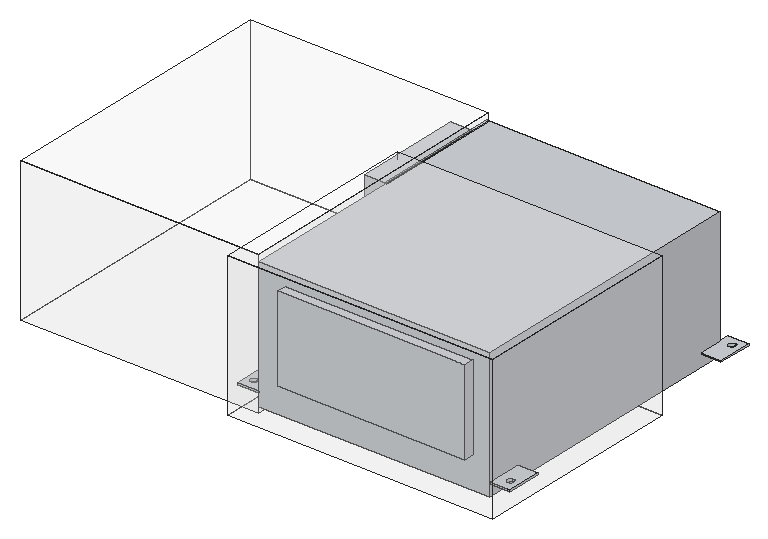
Revit family "pefy-p45_280mg9_60Hz", category 機械設備, Revit 2019
Family settings
  丸型コネクタ寸法 = 直径を使用
  パーツ タイプ = 標準
  OmniClass 番号 = 23.75.10.24.21.27.27
  OmniClass タイトル = Split System Air Conditioning Units
  作業面ベース = いいえ
  常に垂直 = はい
  ロード時にボイドで切り取り = いいえ
  共有 = いいえ
  部屋計算ポイント = はい
Parameters (values of type "PEFY-P45MG9")
  風量（弱）（m3／min） = 10
  風量（m3／min） = 14
  風量 = MAX風量  # 840.0 m³/h
  音響パワーレベル（弱）(dB) = 51
  音響パワーレベル(dB) = 57
  電源種別 = ""
  電源_H = 0 mm
  電圧_電気ヒーター = 0 V
  電圧 = 200 V
  電動機出力_送風機 = 0.08 kW
  運転質量 = 0.00 kg
  連動 = ""
  質量 = if(製品質量 > 運転質量, 製品質量, 運転質量) * 1.2  # 46.80 kg
  負荷分類 = 3_ファン類
  説明 = "ビル用マルチエアコン　天井埋込形室内機"
  設計暖房能力 = 0.00 kW
  設計冷房能力_顕熱 = 0 kW
  設計冷房能力 = 0 kW
  設置方法 = "天井吊(隠ぺい)形"
  記号 = ""
  製造元 = "三菱電機株式会社"
  製品質量 = 39.00 kg
  製品出荷対象 = "国内"
  製品リリース年月 = "2022年9月15日"
  製品グループ = ""
  系統 = ""
  符号 = "ACP_CID"
  積算_科目 = "1 空気調和設備"
  積算_拾い区分 [instance] = ""
  相_電気ヒーター = 1
  相 = 1
  盤記号 = ""
  発停方法 = "付属スイッチ"
  特殊仕様 = ""
  点検口離隔 [instance] = if(点検口離隔入力値 > 200 mm, 200 mm, if(点検口離隔入力値 < 150 mm, 150 mm, 点検口離隔入力値))  # 150 mm
  点検口離隔入力値 [instance] = 150 mm
  点検口設置範囲 = 700 mm
  点検口位置 = 200 mm
  点検口 = yes
  火災停止 = ""
  消費電力_電気ヒーター = 0.00 kW
  消費電力_暖房 = 0.17 kW
  消費電力_加湿器 = 0.00 kW
  消費電力_冷房 = 0.19 kW
  消費電力 = if(消費電力_冷房 > 消費電力_暖房, 消費電力_冷房, 消費電力_暖房) + 消費電力_加湿器 + 消費電力_電気ヒーター  # 0.19 kW
  法定耐用年数 = "15"
  機外静圧 = 100.0 Pa
  極数 = 3
  材質 = ""
  本体マテリアル = none
  有効加湿量 = 0
  暖房能力 = 5.00 kW
  推奨ブレーカー容量 = 15 A
  形式_加湿器 = ""
  形式 = "天井吊（隠ぺい）形（両ダクト形）"
  幹線記号 = ""
  始動方式 = ""
  呼称 = "室内機_天井吊(隠ぺい)形(両ダクト形)"
  周波数 = 60 Hz
  吊り幅 = if(Depth = 900 mm, 60 mm, 61 mm)  # 60 mm
  吊り位置Y = 814 mm
  吊り位置X = 754 mm
  吊りボルト_H = 41 mm  # constant formula
  台数_手元リモコン = ""
  台数_冷媒分岐ユニット = ""
  参照している仕様書等のバージョン = "公共建築工事標準仕様書（機械設備工事編）平成31年度版"
  加湿給水管径 = 0 mm
  分類コード = "50053003221070"
  分類グループ = ""
  冷房能力 = 4.5 kW
  冷媒高低圧ガス管径 = 0 mm
  冷媒管径符号 = "Ac"
  冷媒管径 = 100 mm
  冷媒液管径 = 6.35 mm
  冷媒液管_縦 = 58 mm
  冷媒液管_横 = 69 mm
  冷媒ガス管径 = 12.7 mm
  冷媒ガス管_縦 = 143 mm
  冷媒ガス管_横 = 187 mm
  企業コード = "108420"
  付属品_フィルター = ""
  付属品 = ""
  仕様書バージョン = "Version1.0"
  モデル = "PEFY-P45MG9"
  ドレン管径 = 32 mm
  ドレン管_縦 = 326.5 mm
  ドレン管_横 = 430 mm
  サービススペース = yes
  コメント [instance] = ""
  ケーブル種類 = ""
  ケーブルサイズ = 1.6 mm
  Width = 745 mm
  Version = ""
  Uniclass2015Version = "Systems v1.9"
  Uniclass2015Title = "Split coil remote air cooled condensing units"
  Uniclass2015Code = "Pr_70_65_03_84"
  URL = "https://www.mitsubishielectric.co.jp/ldg/wink/ssl/displayProduct.do?pid=317114"
  SpecificationReference = ""
  SpecificationDescription = ""
  S_H = Height + 20 mm  # 400 mm
  SAサイズ_W = 550 mm
  SAサイズ_D = 250 mm
  Revision = ""
  RAサイズ_W = 600 mm
  RAサイズ_D = 340 mm
  ProductInformation = ""
  OmniClassCode = "23-751024212727"
  MID風量 = 600.0 m³/h
  MAX風量 = 840.0 m³/h
  IfcTypeProduct = ""
  IfcProduct = ""
  IfcExportType = "AIRCONDITIONINGUNIT"
  IfcExportAs = "IfcUnitaryEquipmentType"
  Height = 380 mm
  Depth = 900 mm
  Clearance Top = 20 mm  # constant formula
  Clearance Right = 50 mm  # constant formula
  Clearance Left = if(Width = 745 mm, 730 mm, if(Width = 1030 mm, 1015 mm, if(Width = 1195 mm, 1180 mm, 1300 mm)))  # 730 mm
  Clearance Front = if(Depth = 900 mm, 575 mm, 650 mm)  # 575 mm
  Clearance Bottom = 20 mm  # constant formula
  Clearance Back = 50 mm  # constant formula
  Author = "三菱電機株式会社"
Types (10, lengths in mm): name | 風量（弱）（m3／min） | 風量（m3／min） | 風量 | 音響パワーレベル（弱）(dB) | 音響パワーレベル(dB) | 電動機出力_送風機 | 質量 | 製品質量 | 相 | 点検口設置範囲 | 消費電力_暖房 | 消費電力_冷房 | 消費電力 | 機外静圧 | 暖房能力 | 吊り幅 | 吊り位置Y | 吊り位置X | 冷房能力 | 冷媒管径符号 | 冷媒液管径 | 冷媒液管_縦 | 冷媒液管_横 | 冷媒ガス管径 | 冷媒ガス管_縦 | 冷媒ガス管_横 | モデル | ドレン管_縦 | ドレン管_横 | Width | URL | S_H | SAサイズ_W | SAサイズ_D | RAサイズ_W | RAサイズ_D | MID風量 | MAX風量 | Height | Depth | Clearance Left | Clearance Front
  PEFY-P45MG9 | 10 | 14 | 840.0 m³/h | 51 | 57 | 0.08 kW | 46.80 kg | 39.00 kg | 1 | 700 | 0.17 kW | 0.19 kW | 0.19 kW | 100.0 Pa | 5.00 kW | 60 | 814 | 754 | 4.5 kW | "Ac" | 6.35 | 58 | 69 | 12.7 | 143 | 187 | "PEFY-P45MG9" | 326.5 | 430 | 745 | "https://www.mitsubishielectric.co.jp/ldg/wink/ssl/displayProduct.do?pid=317114" | 400 | 550 | 250 | 600 | 340 | 600.0 m³/h | 840.0 m³/h | 380 | 900 | 730 | 575
  PEFY-P56MG9 | 10 | 14 | 840.0 m³/h | 52 | 57 | 0.08 kW | 46.80 kg | 39.00 kg | 1 | 700 | 0.17 kW | 0.19 kW | 0.19 kW | 100.0 Pa | 6.30 kW | 60 | 814 | 754 | 5.6 kW | "Ac" | 6.35 | 58 | 69 | 12.7 | 143 | 187 | "PEFY-P56MG9" | 326.5 | 430 | 745 | "https://www.mitsubishielectric.co.jp/ldg/wink/ssl/displayProduct.do?pid=317115" | 400 | 550 | 250 | 600 | 340 | 600.0 m³/h | 840.0 m³/h | 380 | 900 | 730 | 575
  PEFY-P71MG9 | 13.5 | 19 | 1140.0 m³/h | 56 | 61 | 0.10 kW | 48.00 kg | 40.00 kg | 1 | 700 | 0.22 kW | 0.24 kW | 0.24 kW | 100.0 Pa | 8.00 kW | 60 | 814 | 754 | 7.1 kW | "Bd" | 9.52 | 58 | 69 | 15.88 | 143 | 187 | "PEFY-P71MG9" | 326.5 | 430 | 745 | "https://www.mitsubishielectric.co.jp/ldg/wink/ssl/displayProduct.do?pid=317116" | 400 | 550 | 250 | 600 | 340 | 810.0 m³/h | 1140.0 m³/h | 380 | 900 | 730 | 575
  PEFY-P80MG9 | 15.5 | 22 | 1320.0 m³/h | 56 | 61 | 0.11 kW | 61.20 kg | 51.00 kg | 1 | 700 | 0.26 kW | 0.28 kW | 0.28 kW | 100.0 Pa | 9.00 kW | 60 | 814 | 1039 | 8 kW | "Bd" | 9.52 | 58 | 69 | 15.88 | 143 | 187 | "PEFY-P80MG9" | 326.5 | 430 | 1030 | "https://www.mitsubishielectric.co.jp/ldg/wink/ssl/displayProduct.do?pid=317117" | 400 | 835 | 250 | 885 | 340 | 930.0 m³/h | 1320.0 m³/h | 380 | 900 | 1015 | 575
  PEFY-P90MG9 | 18 | 25 | 1500.0 m³/h | 58 | 63 | 0.14 kW | 61.20 kg | 51.00 kg | 1 | 700 | 0.27 kW | 0.29 kW | 0.29 kW | 100.0 Pa | 10.00 kW | 60 | 814 | 1039 | 9 kW | "Bd" | 9.52 | 58 | 69 | 15.88 | 143 | 187 | "PEFY-P90MG9" | 326.5 | 430 | 1030 | "https://www.mitsubishielectric.co.jp/ldg/wink/ssl/displayProduct.do?pid=317118" | 400 | 835 | 250 | 885 | 340 | 1080.0 m³/h | 1500.0 m³/h | 380 | 900 | 1015 | 575
  PEFY-P112MG9 | 26.5 | 38 | 2280.0 m³/h | 60 | 64 | 0.20 kW | 75.60 kg | 63.00 kg | 1 | 700 | 0.47 kW | 0.49 kW | 0.49 kW | 100.0 Pa | 12.50 kW | 60 | 814 | 1204 | 11.2 kW | "Bd" | 9.52 | 58 | 69 | 15.88 | 143 | 187 | "PEFY-P112MG9" | 326.5 | 430 | 1195 | "https://www.mitsubishielectric.co.jp/ldg/wink/ssl/displayProduct.do?pid=317119" | 400 | 1000 | 250 | 1050 | 340 | 1590.0 m³/h | 2280.0 m³/h | 380 | 900 | 1180 | 575
  PEFY-P140MG9 | 26.5 | 38 | 2280.0 m³/h | 61 | 65 | 0.20 kW | 75.60 kg | 63.00 kg | 1 | 700 | 0.47 kW | 0.49 kW | 0.49 kW | 100.0 Pa | 16.00 kW | 60 | 814 | 1204 | 14 kW | "Bd" | 9.52 | 58 | 69 | 15.88 | 143 | 187 | "PEFY-P140MG9" | 326.5 | 430 | 1195 | "https://www.mitsubishielectric.co.jp/ldg/wink/ssl/displayProduct.do?pid=317120" | 400 | 1000 | 250 | 1050 | 340 | 1590.0 m³/h | 2280.0 m³/h | 380 | 900 | 1180 | 575
  PEFY-P160MG9 | 28 | 40 | 2400.0 m³/h | 62 | 65 | 0.23 kW | 78.00 kg | 65.00 kg | 1 | 700 | 0.47 kW | 0.49 kW | 0.49 kW | 100.0 Pa | 18.00 kW | 60 | 814 | 1204 | 16 kW | "Bd" | 9.52 | 58 | 69 | 15.88 | 143 | 187 | "PEFY-P160MG9" | 326.5 | 430 | 1195 | "https://www.mitsubishielectric.co.jp/ldg/wink/ssl/displayProduct.do?pid=317121" | 400 | 1000 | 250 | 1050 | 340 | 1680.0 m³/h | 2400.0 m³/h | 380 | 900 | 1180 | 575
  PEFY-P224MG9 | 0 | 58 | 3480.0 m³/h | 0 | 70 | 0.69 kW | 117.60 kg | 98.00 kg | 3 | 800 | 0.92 kW | 0.92 kW | 0.92 kW | 200.0 Pa | 25.00 kW | 61 | 1034 | 1326 | 22.4 kW | "Be" | 9.52 | 44 | 95 | 19.05 | 164 | 249 | "PEFY-P224MG9" | 327 | 489 | 1250 | "https://www.mitsubishielectric.co.jp/ldg/wink/ssl/displayProduct.do?pid=317122" | 490 | 1100 | 340 | 1100 | 420 | 0.0 m³/h | 3480.0 m³/h | 470 | 1120 | 1300 | 650
  PEFY-P280MG9 | 0 | 72 | 4320.0 m³/h | 0 | 75 | 0.87 kW | 121.20 kg | 101.00 kg | 3 | 800 | 1.10 kW | 1.10 kW | 1.10 kW | 200.0 Pa | 31.50 kW | 61 | 1034 | 1326 | 28 kW | "Bf" | 9.52 | 44 | 95 | 22.2 | 164 | 249 | "PEFY-P280MG9" | 327 | 489 | 1250 | "https://www.mitsubishielectric.co.jp/ldg/wink/ssl/displayProduct.do?pid=317123" | 490 | 1100 | 340 | 1100 | 420 | 0.0 m³/h | 4320.0 m³/h | 470 | 1120 | 1300 | 650
Reference planes
  plane 1 "中心(正面/背面)": y = -138.467
  plane 2: z = 0
  plane 3 "中心(左/右)": x = 140.396
  plane 4: z = 380
  plane 5: z = 400
  plane 6: x = 517.396
  plane 7: x = -236.604
  plane 8: y = -528.467
  plane 9: y = 285.533
  plane 10: y = -588.467
  plane 11: y = 311.533
  plane 12: x = 480.396
  plane 13: x = -264.604
  plane 14: z = -20
  plane 15: x = 540.396
  plane 16: y = -559.467
  plane 17: y = 287.533
  plane 18: y = -135.967
  plane 19: y = -362.467
  plane 20: y = 87.533
  plane 21: x = -199.604
  plane 22: x = -349.604
  plane 23: x = -899.604
  plane 24: z = 400
  plane 25: x = -249.604
  plane 26: y = -609.467
  plane 27: x = 530.396
  plane 28: y = 15.533
Dimensions and locks
  "S_H": plane 5 to level
  "吊り位置X": plane 6 to plane 7
  "吊り位置Y": plane 9 to plane 8
  equal spacing: plane 11, plane 1 "中心(正面/背面)", plane 10
  "Depth": plane 11 to plane 10
  "Width": plane 12 to plane 13
  "Clearance Bottom": level to plane 14
  locked: plane 8 to plane 10 at 60
  "吊り幅": plane 15 to plane 12
  locked: plane 15 to plane 6 at 23
  "Height": plane 4 to level
  locked: plane 11 to plane 17 at 24
  locked: plane 16 to plane 10 at 29
  locked: plane 20 to plane 19 at 450
  equal spacing: plane 17, plane 18, plane 16
  plane 21 to plane 7 = 37 mm
  "点検口離隔": plane 21 to plane 22
  "点検口設置範囲": plane 21 to plane 23
  "Clearance Top": plane 24 to plane 4
  "Clearance Back": plane 16 to plane 26
  "Clearance Right": plane 21 to plane 25
  "Clearance Front": plane 28 to plane 16
  "Clearance Left": plane 27 to plane 21
  "点検口位置": plane 17 to plane 20
  equal spacing: plane 6, plane 3 "中心(左/右)", plane 7
  equal spacing: plane 12, plane 3 "中心(左/右)", plane 21
  aligned and locked: level to plane 2
  aligned and locked: nested 3 to plane 6
  aligned and locked: nested 3 to plane 7
  aligned and locked: plane 8 to nested 3
  aligned and locked: nested 3 to plane 9
  aligned and locked: nested 4 to plane 3 "中心(左/右)"
  aligned and locked: plane 1 "中心(正面/背面)" to nested 4
  aligned and locked: plane 19 to nested 2
  aligned and locked: plane 20 to nested 2
  aligned and locked: nested 2 to plane 23
  aligned and locked: nested 2 to plane 22
  aligned and locked: plane 24 to nested 1
  aligned and locked: plane 24 to nested 5
  aligned and locked: plane 14 to nested 1
  aligned and locked: plane 14 to nested 5
  aligned and locked: nested 1 to plane 16
  aligned and locked: nested 1 to plane 17
  aligned and locked: nested 1 to plane 23
  aligned and locked: nested 1 to plane 21
  aligned and locked: nested 5 to plane 26
  aligned and locked: nested 5 to plane 28
  aligned and locked: nested 5 to plane 25
  aligned and locked: nested 5 to plane 27
Nested families
  nested 1: "サービススペース" at (-549.604, -135.967, 190) x (-1, 0, 0) z (0, 0, 1), visible <- "サービススペース", type "サービススペース"
    with Width 700 mm, Height 420 mm, Depth 847 mm
  nested 2: "点検口設置範囲" at (-624.604, -137.467, 0) x (-1, 0, 0) z (0, 0, 1), visible <- "点検口", type "点検口設置範囲"
    with Width 550 mm, Depth 450 mm
  nested 3: "固定点" at (517.396, 285.533, 0) x (-1, 0, 0) z (0, 0, 1), type "固定点"
    with W 754 mm, D 814 mm
  nested 4: "PEFY-P○○○MG7" at (312.896, -138.467, 0) x (0, -1, 0) z (0, 0, 1), type "PEFY-P○○○MG7"
    with 制御ボクス yes, ユニット表示 yes, 冷媒液配管サイズ 6.35 mm, E 550 mm, A 800 mm, 奥行き 745 mm, 冷媒ガス配管サイズ 12.7 mm, D 600 mm, B 754 mm
  nested 5: "サービススペース" at (140.396, -296.967, 190) x (-1, 0, 0) z (0, 0, 1), visible <- "サービススペース", type "サービススペース"
    with Width 780 mm, Height 420 mm, Depth 625 mm
Connectors
  hvac at (155.396, -588.467, 219), driven by "SAサイズ_D", driven by "SAサイズ_W", driven by "機外静圧", driven by "風量"
    settings: on nested 4, index 1, duct flow 840.0 m³/h, flow factor 0, pres drop 100.0 Pa, loss coef 0, conn angle 0.00°, conn width 550 mm, conn height 250 mm, conn diameter 609.6 mm, duct sys type 29, conn prof type 1, flow config 0, flow direction 2, loss method 4, conn ref index -1, conn util no, is conn primary yes, conn desc ""
  hvac at (140.396, 311.533, 186), driven by "RAサイズ_D", driven by "RAサイズ_W", driven by "機外静圧", driven by "風量"
    settings: on nested 4, index 2, duct flow 840.0 m³/h, flow factor 0, pres drop 100.0 Pa, loss coef 0, conn angle 0.00°, conn width 600 mm, conn height 340 mm, conn diameter 609.6 mm, duct sys type 29, conn prof type 1, flow config 0, flow direction 1, loss method 4, conn ref index -1, conn util no, is conn primary no, conn desc ""
  piping at (-264.604, -337.967, 172), diameter 100, driven by "冷媒管径", driven by "冷媒管径符号"
    settings: on nested 4, index 3, connector inside diameter 609.6 mm, connector length 0 mm, flow factor 0, pipe flow 0.0 L/s, pressure drop 0.0 Pa, fitting loss kfactor 0, connector angle 0.00°, fixture units 0, engagement length 0 mm, angle of deflection 0.00°, flow configuration 1, flow direction 1, fitting loss method 4, system type 7, joint type 0, gender type 0, connector reference index -1, connector utility 0, adjustable connector no, is connector primary yes, connector description "Ac"
  piping at (-209.604, -129.467, 326.5), diameter 32, driven by "ドレン管径"
    settings: on nested 4, index 4, connector inside diameter 609.6 mm, connector length 0 mm, flow factor 0, pipe flow 0.0 L/s, pressure drop 0.0 Pa, fitting loss kfactor 0, connector angle 0.00°, fixture units 0, engagement length 0 mm, angle of deflection 0.00°, flow configuration 1, flow direction 2, fitting loss method 4, system type 16, joint type 0, gender type 0, connector reference index -1, connector utility 0, adjustable connector no, is connector primary no, connector description ""
  electrical at (-209.604, 117.533, 60), driven by "極数", driven by "負荷分類", driven by "電圧", driven by "消費電力"
    settings: on nested 4, index 5, voltage 200 V, apparent load 190 VA, apparent load phase1 0 VA, apparent load phase2 0 VA, apparent load phase3 0 VA, power factor 1, load classification "3_ファン類", number of poles 3, system type 30, power factor state 1, is connector primary yes, connector utility no, sub classification motor no, connector description ""
Definition of nested family "サービススペース"
  Parameters (values of type "サービススペース")
    Width [instance] = 500 mm
    Height [instance] = 500 mm
    Depth [instance] = 500 mm
  Reference planes
    plane 1 "中心(正面/背面)": y = 0
    plane 2: z = 0
    plane 3 "中心(左/右)": x = 0
    plane 4: y = -250
    plane 5: x = 250
    plane 6: y = 250
    plane 7: x = -250
    plane 8: z = 250
    plane 9: z = -250
  Forms (mm)
    Extrusion 1, solid
      sketch origin (-638.939, 0, 72.39) x (1, 0, 0) y (0, 1, 0)
        loop
          line (388.939, 250) -> (388.939, -250) -> (888.939, -250) -> (888.939, 250) -> (388.939, 250)
      from -322.39 to 177.61
  Lines and regions (mm)
    symbolic lines
      curve 1: line (-250, 0, 250) -> (250, 0, 250)
      curve 2: line (-250, 0, -250) -> (-250, 0, 250)
      curve 3: line (250, 0, -250) -> (-250, 0, -250)
      curve 4: line (250, 0, 250) -> (250, 0, -250)
      curve 5: line (0, -250, 250) -> (0, 250, 250)
      curve 6: line (0, -250, -250) -> (0, -250, 250)
      curve 7: line (0, 250, -250) -> (0, -250, -250)
      curve 8: line (0, 250, 250) -> (0, 250, -250)
      curve 9: line (-250, 250, 0) -> (250, 250, 0)
      curve 10: line (-250, -250, 0) -> (-250, 250, 0)
      curve 11: line (250, -250, 0) -> (-250, -250, 0)
      curve 12: line (250, 250, 0) -> (250, -250, 0)
  Dimensions and locks
    equal spacing: plane 7, plane 3 "中心(左/右)", plane 5
    equal spacing: plane 4, plane 1 "中心(正面/背面)", plane 6
    "Depth": plane 4 to plane 6
    "Width": plane 7 to plane 5
    equal spacing: plane 8, plane 2, plane 9
    "Height": plane 8 to plane 9
    aligned and locked: plane 9 to curve 3
    aligned and locked: plane 7 to curve 2
    aligned and locked: curve 4 to plane 5
    aligned and locked: plane 5 to Extrusion 1
    aligned and locked: Extrusion 1 to plane 7
    aligned and locked: Extrusion 1 to plane 9
    aligned and locked: plane 8 to Extrusion 1
    aligned and locked: plane 9 to curve 7
  Automatic sketch dimensions
    plane 4 to Extrusion 1 sketch curve = 0 mm
    Extrusion 1 sketch curve to plane 7 = 0 mm
    Extrusion 1 sketch curve to plane 5 = 0 mm
    plane 6 to Extrusion 1 sketch curve = 0 mm
    curve 2 to plane 8 = 0 mm
    plane 4 to curve 11 = 0 mm
    curve 11 to plane 7 = 0 mm
    curve 11 to plane 5 = 0 mm
    plane 6 to curve 10 = 0 mm
    curve 7 to plane 4 = 0 mm
    curve 7 to plane 6 = 0 mm
    curve 6 to plane 8 = 0 mm
Definition of nested family "PEFY-P○○○MG7"
  Parameters (values of type "PEFY-P○○○MG7")
    配線取出口サイズ = 36 mm
    配線取出口-Z = 60 mm  # constant formula
    配線取出口-Y = 10 mm  # constant formula
    配線取出口-X = 50 mm  # constant formula
    制御ボクス [instance] = and(ユニット表示, 幅さ = 900 mm)  # yes
    冷媒液配管サイズ = 9.52 mm
    y = if(幅さ = 900 mm, 65 mm, 0 mm)  # 65 mm
    e = if(幅さ = 900 mm, 80 mm, 100 mm)  # 80 mm
    d = if(幅さ = 900 mm, 40 mm, 102 mm)  # 40 mm
    R2 = 250 mm
    R1 = if(幅さ = 900 mm, 94 mm, 105 mm)  # 94 mm
    L2 = 340 mm
    L1 = if(幅さ = 900 mm, 16 mm, 20 mm)  # 16 mm
    E = 1000 mm
    C = 680 mm
    A = if(奥行き = 745 mm, 800 mm, if(奥行き = 1030 mm, 1085 mm, if(奥行き = 1195 mm, 1250 mm, 1372 mm)))  # 1250 mm
    高さ = 380 mm
    奥行き = 1195 mm
    吊りボルト_H = 167 mm
    冷媒配管 = 100 mm
    冷媒液管径-Z = 58 mm
    冷媒液管径-Y = if(幅さ = 900 mm, 65 mm, 100 mm)  # 65 mm
    冷媒液管径-X = 69 mm
    冷媒ガス管径-Z = 143 mm
    冷媒ガス管径-Y = if(幅さ = 900 mm, 70 mm, 100 mm)  # 70 mm
    冷媒ガス管径-X = 187 mm
    ユニット表示 [instance] = yes
    吊りボルトピッチ = 814 mm
    ドレン配管サイズ = 32 mm
    ドレン管径-Z = 326.5 mm
    ドレン管径-Y = 10 mm  # constant formula
    ドレン管径-X = 430 mm
    冷媒ガス配管サイズ = 15.88 mm
    D = 1050 mm
    幅さ = 900 mm
    B = 1204 mm
  Reference planes
    plane 1 "中心(正面/背面)": y = -172.5
    plane 2: z = 0
    plane 3 "中心(左/右)": x = 0
    plane 4: z = 380
    plane 5: z = -20
    plane 6: x = -450
    plane 7: x = 450
    plane 8: y = -797.5
    plane 9: z = 400
    plane 10: y = 392.5
    plane 11: y = -737.5
    plane 12: x = -426
    plane 13: x = 421
    plane 14: z = 41
    plane 15: z = 36
    plane 16: y = 342.5
    plane 17: y = -657.5
    plane 18: y = 352.5
    plane 19: y = -697.5
    plane 20: y = 429.5
    plane 21: z = 356
    plane 22: z = 16
    plane 23: z = 94
    plane 24: z = 344
    plane 25: y = -802.5
    plane 26: x = -366
    plane 27: x = -306
    plane 28: z = 120
    plane 29: z = 170
    plane 30: y = -742.5
    plane 31: x = -454
    plane 32: x = 390
    plane 33: x = -424
    plane 34: x = -354
    plane 35: x = 321
    plane 36: y = 452.5
    plane 37: y = -774.5
    plane 38: y = -802.5
    plane 39: y = -747.5
    plane 40: y = -802.5
    plane 41: y = -807.5
    plane 42: x = 234
    plane 43: z = 143
    plane 44: x = 165
    plane 45: z = 201
    plane 46: x = 199.5
    plane 47: z = 172
    plane 48: x = -9
    plane 49: x = -50
    plane 50: z = 326.5
    plane 51: x = -256
    plane 52: z = 60
  Forms (mm)
    Extrusion 1, solid, visible <- "ユニット表示", detail levels fine
      sketch origin (0, 0, 0) x (1, 0, 0) y (0, 1, 0)
        loop
          line (-426, 392.5) -> (-426, -737.5) -> (421, -737.5) -> (421, 392.5) -> (-426, 392.5)
      from 0 to 380
    Extrusion 2, solid, visible <- "ユニット表示", detail levels fine
      sketch origin (0, 0, 0) x (1, 0, 0) y (0, 1, 0)
        loop
          line (-450, 352.5) -> (-450, -697.5) -> (-426, -697.5) -> (-426, 352.5) -> (-450, 352.5)
      from 16 to 356
    Extrusion 3, solid, visible <- "ユニット表示", detail levels fine
      sketch origin (0, 0, 0) x (1, 0, 0) y (0, 1, 0)
        loop
          line (450, 342.5) -> (421, 342.5) -> (421, -657.5) -> (450, -657.5) -> (450, 342.5)
      from 94 to 344
    Extrusion 4, solid, visible <- "ユニット表示", detail levels fine
      sketch origin (1480.036, -737.5, 1200) x (1, 0, 0) y (0, 0, 1)
        loop
          line (-1906.036, -820) -> (-1906.036, -1080) -> (-1786.036, -1200) -> (-1530.036, -1200) -> (-1530.036, -820) -> (-1906.036, -820)
      from 0 to 5
    Extrusion 5, solid, visible <- "制御ボクス", detail levels fine
      sketch origin (1480.036, -742.5, 1200) x (1, 0, 0) y (0, 0, 1)
        loop
          line (-1786.036, -1030) -> (-1786.036, -1184) -> (-1530.036, -1184) -> (-1530.036, -820) -> (-1846.036, -820) -> (-1846.036, -1030) -> (-1786.036, -1030)
      from 0 to 60
    Extrusion 6, solid, visible <- "ユニット表示", detail levels fine
      sketch origin (-1437.329, -1524, 36) x (-1, 0, 0) y (0, -1, 0)
        loop
          line (-1083.329, -1976.5) -> (-983.329, -1976.5) -> (-983.329, -1916.5) -> (-1083.329, -1916.5) -> (-1083.329, -1976.5)
        loop
          line (-1758.329, -1976.5) -> (-1758.329, -1916.5) -> (-1858.329, -1916.5) -> (-1858.329, -1976.5) -> (-1758.329, -1976.5)
        loop
          line (-1758.329, -726.5) -> (-1858.329, -726.5) -> (-1858.329, -786.5) -> (-1758.329, -786.5) -> (-1758.329, -726.5)
        loop
          line (-983.329, -786.5) -> (-983.329, -726.5) -> (-1083.329, -726.5) -> (-1083.329, -786.5) -> (-983.329, -786.5)
        loop
          circle (-1013.329, -1953.5) r 10
        loop
          circle (-1827.329, -1953.5) r 10
        loop
          circle (-1827.329, -749.5) r 10
        loop
          circle (-1013.329, -749.5) r 10
      from 0 to 5
    Extrusion 7, solid, visible <- "ユニット表示", detail levels fine
      sketch origin (1480.036, -737.5, 1200) x (1, 0, 0) y (0, 0, 1)
        loop
          circle (-1246.036, -1057) r 7.94
      from 0 to 70
    Extrusion 8, solid, visible <- "ユニット表示", detail levels fine
      sketch origin (1480.036, -737.5, 1200) x (1, 0, 0) y (0, 0, 1)
        loop
          circle (-1315.036, -999) r 4.76
      from 0 to 65
    Extrusion 9, solid, visible <- "ユニット表示", detail levels fine
      sketch origin (1480.036, -737.5, 1200) x (1, 0, 0) y (0, 0, 1)
        loop
          circle (-1280.536, -1028) r 50
      from 0 to 65
    Extrusion 10, solid, visible <- "ユニット表示", detail levels fine
      sketch origin (1480.036, -737.5, 1200) x (1, 0, 0) y (0, 0, 1)
        loop
          circle (-1489.036, -873.5) r 16
      from 0 to 10
    Extrusion 11, solid, visible <- "ユニット表示", detail levels fine
      sketch origin (1480.036, -737.5, 1200) x (1, 0, 0) y (0, 0, 1)
        loop
          circle (-1736.036, -1140) r 18
      from 0 to 10
  Dimensions and locks
    locked: level to plane 5 at 20
    equal spacing: plane 6, plane 3 "中心(左/右)", plane 7
    "幅さ": plane 6 to plane 7
    locked: plane 9 to plane 4 at 20
    "高さ": plane 4 to level
    locked: plane 6 to plane 12 at 24
    locked: plane 13 to plane 7 at 29
    locked: plane 14 to level at 41
    locked: plane 14 to plane 15 at 5
    "D": plane 19 to plane 18
    "E": plane 17 to plane 16
    "L1": plane 22 to level
    "R2": plane 24 to plane 23
    "R1": plane 23 to level
    "L2": plane 21 to plane 22
    "e": plane 11 to plane 17
    "d": plane 11 to plane 19
    "奥行き": plane 25 to plane 10
    plane 12 to plane 26 to plane 27 = 60 mm locked, 60 mm locked
    locked: plane 28 to level at 120
    locked: plane 29 to plane 28 at 50
    locked: plane 30 to plane 11 at 5
    locked: plane 31 to plane 6 at 4
    locked: plane 32 to plane 7 at 60
    "吊りボルトピッチ": plane 33 to plane 32
    locked: plane 31 to plane 34 at 100
    locked: plane 35 to plane 13 at 100
    "y": plane 25 to plane 11
    "B": plane 37 to plane 20
    plane 8 to plane 37 = 23 mm
    locked: plane 38 to plane 30 at 60
    "ドレン管径-Y": plane 39 to plane 11
    "冷媒液管径-Y": plane 40 to plane 11
    "冷媒ガス管径-Y": plane 41 to plane 11
    "冷媒ガス管径-Z": plane 43 to level
    "冷媒ガス管径-X": plane 42 to plane 13
    "冷媒液管径-X": plane 44 to plane 42
    "冷媒液管径-Z": plane 45 to plane 43
    equal spacing: plane 45, plane 47, plane 43
    equal spacing: plane 44, plane 46, plane 42
    "ドレン管径-X": plane 48 to plane 13
    locked: plane 49 to plane 3 "中心(左/右)" at 50
    "ドレン管径-Z": plane 50 to level
    locked: plane 27 to plane 51 at 50
    "配線取出口-Z": plane 52 to level
    "A": plane 8 to plane 36
    equal spacing: plane 11, plane 1 "中心(正面/背面)", plane 10
    equal spacing: plane 8, plane 1 "中心(正面/背面)", plane 36
    equal spacing: plane 37, plane 1 "中心(正面/背面)", plane 20
    diameter of Extrusion 6 sketch curve = 20 mm  (x4)
    "冷媒ガス配管サイズ": diameter of Extrusion 7 sketch curve
    "冷媒液配管サイズ": diameter of Extrusion 8 sketch curve
    "冷媒配管": diameter of Extrusion 9 sketch curve
    "ドレン配管サイズ": diameter of Extrusion 10 sketch curve
    "配線取出口サイズ": diameter of Extrusion 11 sketch curve
    aligned and locked: level to plane 2
    aligned and locked: plane 10 to Extrusion 1 sketch curve
    aligned and locked: plane 12 to Extrusion 1 sketch curve
    aligned and locked: Extrusion 1 sketch curve to plane 11
    aligned and locked: Extrusion 1 sketch curve to plane 13
    aligned and locked: Extrusion 1 to level
    aligned and locked: plane 4 to Extrusion 1
    aligned and locked: plane 18 to Extrusion 2 sketch curve
    aligned and locked: Extrusion 2 sketch curve to plane 19
    aligned and locked: Extrusion 2 sketch curve to plane 12
    aligned and locked: plane 6 to Extrusion 2 sketch curve
    aligned and locked: Extrusion 2 to plane 22
    aligned and locked: plane 21 to Extrusion 2
    aligned and locked: Extrusion 3 sketch curve to plane 16
    aligned and locked: plane 17 to Extrusion 3 sketch curve
    aligned and locked: Extrusion 3 sketch curve to plane 13
    aligned and locked: plane 7 to Extrusion 3 sketch curve
    aligned and locked: Extrusion 3 to plane 23
    aligned and locked: plane 24 to Extrusion 3
    aligned and locked: Extrusion 4 sketch curve to plane 4
    aligned and locked: Extrusion 4 sketch curve to plane 12
    aligned and locked: Extrusion 4 sketch curve to level
    aligned and locked: Extrusion 4 to plane 11
    aligned and locked: plane 30 to Extrusion 4
    aligned and locked: Extrusion 5 sketch curve to plane 27
    aligned and locked: Extrusion 5 sketch curve to plane 29
    aligned and locked: Extrusion 5 sketch curve to plane 26
    aligned and locked: Extrusion 5 sketch curve to plane 4
    aligned and locked: Extrusion 5 sketch curve to plane 22
    aligned and locked: Extrusion 5 to plane 30
    aligned and locked: Extrusion 6 sketch curve to plane 36
    aligned and locked: plane 34 to Extrusion 6 sketch curve
    aligned and locked: plane 10 to Extrusion 6 sketch curve
    aligned and locked: Extrusion 6 sketch curve to plane 31
    aligned and locked: plane 36 to Extrusion 6 sketch curve
    aligned and locked: plane 35 to Extrusion 6 sketch curve
    aligned and locked: Extrusion 6 sketch curve to Extrusion 1  (x4)
    aligned and locked: plane 8 to Extrusion 6 sketch curve
    aligned and locked: Extrusion 6 sketch curve to plane 35
    aligned and locked: plane 11 to Extrusion 6 sketch curve
    aligned and locked: plane 31 to Extrusion 6 sketch curve
    aligned and locked: Extrusion 6 sketch curve to plane 8
    aligned and locked: Extrusion 6 sketch curve to plane 34
    aligned and locked: plane 37 to Extrusion 6 sketch curve  (x2)
    aligned and locked: plane 33 to Extrusion 6 sketch curve  (x2)
    aligned and locked: plane 32 to Extrusion 6 sketch curve  (x2)
    aligned and locked: plane 20 to Extrusion 6 sketch curve  (x2)
    aligned and locked: Extrusion 6 to plane 15
    aligned and locked: plane 14 to Extrusion 6
    aligned and locked: plane 38 to Extrusion 5
    aligned and locked: plane 43 to Extrusion 7 sketch curve
    aligned and locked: plane 42 to Extrusion 7 sketch curve
    aligned and locked: Extrusion 7 to plane 11
    aligned and locked: plane 41 to Extrusion 7
    aligned and locked: plane 45 to Extrusion 8 sketch curve
    aligned and locked: plane 44 to Extrusion 8 sketch curve
    aligned and locked: Extrusion 8 to plane 11
    aligned and locked: plane 40 to Extrusion 8
    aligned and locked: Extrusion 9 to plane 11
    aligned and locked: plane 40 to Extrusion 9
    aligned and locked: Extrusion 5 sketch curve to plane 49
    aligned and locked: Extrusion 4 sketch curve to plane 49
    aligned and locked: plane 50 to Extrusion 10 sketch curve
    aligned and locked: plane 48 to Extrusion 10 sketch curve
    aligned and locked: Extrusion 10 to plane 11
    aligned and locked: plane 39 to Extrusion 10
    aligned and locked: plane 52 to Extrusion 11 sketch curve
    aligned and locked: plane 51 to Extrusion 11 sketch curve
    aligned and locked: Extrusion 11 to plane 11
    aligned and locked: plane 39 to Extrusion 11
    aligned and locked: plane 47 to Extrusion 9 sketch curve
    aligned and locked: plane 46 to Extrusion 9 sketch curve
  Automatic sketch dimensions
    Extrusion 4 sketch curve to plane 27 = 0 mm
    Extrusion 4 sketch curve to plane 28 = 0 mm
Definition of nested family "点検口設置範囲"
  Parameters (values of type "点検口設置範囲")
    Width [instance] = 1000 mm
    Depth [instance] = 700 mm
  Reference planes
    plane 1 "中心(正面/背面)": y = 0
    plane 2: z = 0
    plane 3 "中心(左/右)": x = 0
    plane 4: x = -500
    plane 5: x = 500
    plane 6: y = -350
    plane 7: y = 350
  Lines and regions (mm)
    model lines
      curve 1: line (-500, 350, 0) -> (500, 350, 0)
      curve 2: line (-500, -350, 0) -> (-500, 350, 0)
      curve 3: line (500, -350, 0) -> (-500, -350, 0)
      curve 4: line (500, 350, 0) -> (500, -350, 0)
  Dimensions and locks
    "Depth": plane 7 to plane 6
    "Width": plane 4 to plane 5
    equal spacing: plane 7, plane 1 "中心(正面/背面)", plane 6
    equal spacing: plane 4, plane 3 "中心(左/右)", plane 5
    aligned and locked: level to plane 2
    aligned and locked: plane 4 to curve 2
    aligned and locked: curve 1 to plane 7
    aligned and locked: curve 4 to plane 5
    aligned and locked: plane 6 to curve 3
Definition of nested family "固定点"
  Parameters (values of type "固定点")
    中心円 = 20 mm
    W [instance] = 1000 mm
    D [instance] = 1000 mm
  Reference planes
    plane 1 "中心(正面/背面)": y = 0
    plane 2: z = 0
    plane 3 "中心(左/右)": x = 0
    plane 4: x = 1000
    plane 5: y = 1000
  Lines and regions (mm)
    symbolic lines, detail levels fine
      curve 1: circle (0, 1000, 0) r 10 normal (0, 0, 1)
      curve 2: circle (0, 0, 0) r 10 normal (0, 0, 1)
      curve 3: circle (1000, 1000, 0) r 10 normal (0, 0, 1)
      curve 4: circle (1000, 0, 0) r 10 normal (0, 0, 1)
      curve 5: line (-200, 1000, 0) -> (1200, 1000, 0)
      curve 6: line (-200, 0, 0) -> (1200, 0, 0)
      curve 7: line (0, 1200, 0) -> (0, -200, 0)
      curve 8: line (1000, 1200, 0) -> (1000, -200, 0)
  Dimensions and locks
    "W": plane 3 "中心(左/右)" to plane 4
    "D": plane 1 "中心(正面/背面)" to plane 5
    "中心円": diameter of curve 1
    "中心円": diameter of curve 2
    "中心円": diameter of curve 3
    "中心円": diameter of curve 4
    aligned and locked: level to plane 2
    aligned and locked: plane 5 to curve 1
    aligned and locked: plane 3 "中心(左/右)" to curve 1
    aligned and locked: plane 3 "中心(左/右)" to curve 2
    aligned and locked: plane 1 "中心(正面/背面)" to curve 2
    aligned and locked: plane 4 to curve 3
    aligned and locked: plane 5 to curve 3
    aligned and locked: plane 1 "中心(正面/背面)" to curve 4
    aligned and locked: plane 4 to curve 4
    aligned and locked: plane 1 "中心(正面/背面)" to curve 6
    aligned and locked: curve 7 to plane 3 "中心(左/右)"
    aligned and locked: curve 8 to plane 4
  Automatic sketch dimensions
    curve 5 to plane 5 = 0 mm
    curve 6 to plane 3 "中心(左/右)" = 200 mm
    curve 5 to plane 3 "中心(左/右)" = 200 mm
    curve 4 to curve 6 = 200 mm
    curve 3 to curve 5 = 200 mm
    plane 1 "中心(正面/背面)" to curve 8 = 200 mm
    plane 1 "中心(正面/背面)" to curve 7 = 200 mm
    curve 3 to curve 8 = 200 mm
    curve 1 to curve 7 = 200 mm
